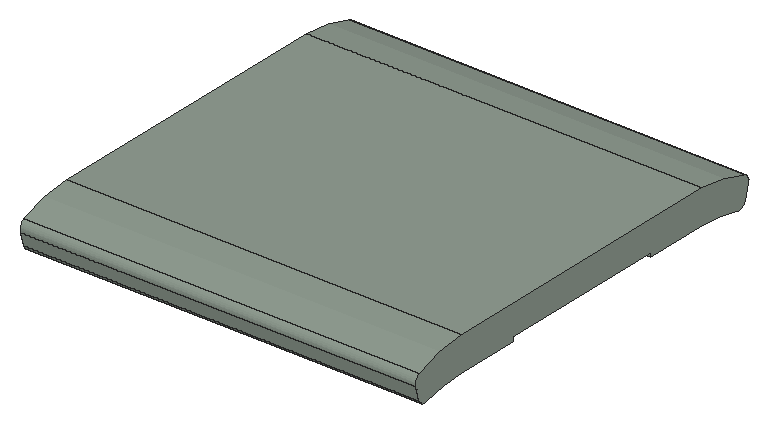
Revit family "FU_Modular_Sandler_Lin Tapiz 0130TA", category Furniture, Revit 2020
Family settings
  OmniClass Number = 23.40.20.00
  OmniClass Title = General Furniture and Specialties
  Work Plane-Based = No
  Always vertical = Yes
  Cut with Voids When Loaded = No
  Shared = No
  Room Calculation Point = No
Parameters (values of type "Lin Tapiz 0130")
  Width = 550 mm
  URL = "https://www.sandlerseating.com/product/lin-tapiz-0130/"
  Seat [instance] = Fabric - Mainline Flax - Bayswater MLF24
  Model = "Lin Tapiz 0130"
  Manufacturer = "Sandler"
  Height = 435 mm
  Description = "Upholstered seat for bench made of oak plywood. Greenguard Certified."
  Depth = 580 mm
  Default Elevation = 0 mm
Reference planes
  plane 1 "Center (Front/Back)": y = 0
  plane 2: z = 0
  plane 3 "Center (Left/Right)": x = 0
  plane 4 "Right": x = -275
  plane 5 "Left": x = 275
  plane 6 "Back": y = 290
  plane 7 "Front": y = -290
  plane 8 "Height": z = 435
  plane 9 "Seat height": z = 420
Forms (mm)
  Extrusion 1, solid, material "Fabric - Mainline Flax - Bayswater MLF24" <- "Seat"
    sketch origin (0, 0, 0) x (0, 1, 0) y (0, 0, 1)
      loop
        arc (-270.9, 392.152) -> (-240.139, 398.429) -> (-208.816, 400.534) r 234.129
        line (-208.816, 400.534) -> (-120.07, 400.534) -> (-120.07, 406.565) -> (120.078, 406.565) -> (120.078, 400.899) -> (208.84, 400.899)
        arc (208.84, 400.899) -> (240.18, 398.701) -> (270.908, 392.152) r 224.599
        arc (270.908, 392.152) -> (278.362, 392.975) -> (283.084, 398.801) r 9.866
        line (283.084, 398.801) -> (289.227, 418.199)
        arc (289.227, 418.199) -> (288.701, 426.282) -> (282.843, 431.876) r 11.152
        arc (282.843, 431.876) -> (246.55, 443.151) -> (208.828, 447.78) r 212.466
        arc (208.828, 447.78) -> (0.193, 451.174) -> (-208.442, 447.78) r 6413.917
        arc (-208.442, 447.78) -> (-246.321, 443.155) -> (-282.783, 431.899) r 214.752
        arc (-282.783, 431.899) -> (-288.671, 426.303) -> (-289.219, 418.199) r 11.185
        line (-289.219, 418.199) -> (-283.232, 399.116)
        arc (-283.232, 399.116) -> (-278.502, 393.091) -> (-270.9, 392.152) r 10.045
    from -275 to 275
Dimensions and locks
  equal spacing: plane 4 "Right", plane 3 "Center (Left/Right)", plane 5 "Left"
  "Width": plane 4 "Right" to plane 5 "Left"
  equal spacing: plane 6 "Back", plane 1 "Center (Front/Back)", plane 7 "Front"
  "Depth": plane 6 "Back" to plane 7 "Front"
  "Height": plane 8 "Height" to level
  plane 9 "Seat height" to level = 420 mm
  aligned and locked: level to plane 2
Automatic sketch dimensions
  plane 7 "Front" to Extrusion 1 sketch curve = 0.781 mm
  plane 9 "Seat height" to Extrusion 1 sketch curve = 1.547 mm
  Extrusion 1 sketch curve to Extrusion 1 sketch curve = 10.672 mm
  plane 7 "Front" to Extrusion 1 sketch curve = 16.437 mm
  Extrusion 1 sketch curve to plane 9 "Seat height" = 19.466 mm
  Extrusion 1 sketch curve to Extrusion 1 sketch curve = 7.359 mm
  Extrusion 1 sketch curve to plane 9 "Seat height" = 13.435 mm
  Extrusion 1 sketch curve to Extrusion 1 sketch curve = 88.746 mm
  Extrusion 1 sketch curve to plane 1 "Center (Front/Back)" = 0.193 mm
  Extrusion 1 sketch curve to plane 1 "Center (Front/Back)" = 120.078 mm
  Extrusion 1 sketch curve to plane 6 "Back" = 88.083 mm
  Extrusion 1 sketch curve to Extrusion 1 sketch curve = 6.923 mm
  Extrusion 1 sketch curve to plane 6 "Back" = 16.366 mm
  plane 9 "Seat height" to Extrusion 1 sketch curve = 1.565 mm
  Extrusion 1 sketch curve to plane 6 "Back" = 11.404 mm
  Extrusion 1 sketch curve to plane 6 "Back" = 6.916 mm
  Extrusion 1 sketch curve to plane 6 "Back" = 0.773 mm
  Extrusion 1 sketch curve to plane 9 "Seat height" = 21.199 mm
  Extrusion 1 sketch curve to Extrusion 1 sketch curve = 163.374 mm
  Extrusion 1 sketch curve to Extrusion 1 sketch curve = 59.127 mm
  Extrusion 1 sketch curve to Extrusion 1 sketch curve = 66.738 mm
  Extrusion 1 sketch curve to level = 5962.743 mm
  Extrusion 1 sketch curve to plane 9 "Seat height" = 19.101 mm
  Extrusion 1 sketch curve to Extrusion 1 sketch curve = 2.834 mm
  Extrusion 1 sketch curve to plane 9 "Seat height" = 18.163 mm
  Extrusion 1 sketch curve to plane 9 "Seat height" = 1.801 mm  (x2)
  plane 7 "Front" to Extrusion 1 sketch curve = 6.768 mm
  Extrusion 1 sketch curve to Extrusion 1 sketch curve = 0 mm  (x4)
  Extrusion 1 sketch curve to Extrusion 1 sketch curve = 2.664 mm
  Extrusion 1 sketch curve to Extrusion 1 sketch curve = 2.721 mm
